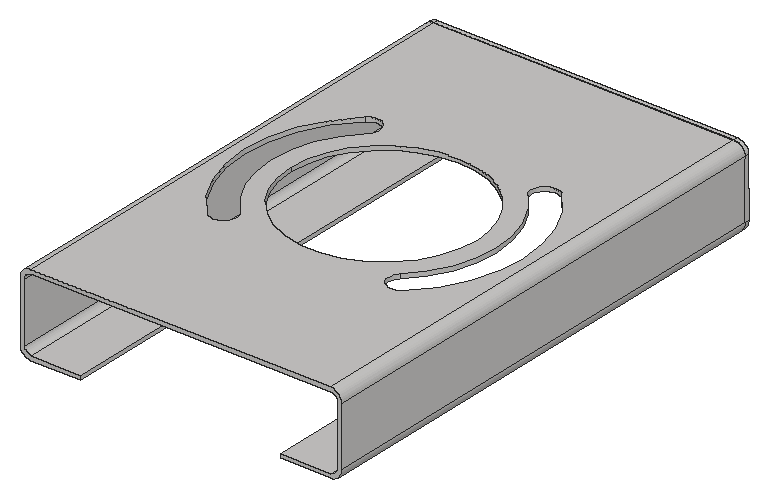
Revit family "PRD_AR_HygieneBagDispenser_HBD91", category Specialty Equipment, host Face, Revit 2020
Family settings
  Host = Face
  Round Connector Dimension = Use Diameter
  Part Type = Normal
  OmniClass Number = 23.40.20.21
  OmniClass Title = Toilet and Bath Specialties
  Cut with Voids When Loaded = No
  Shared = No
  Room Calculation Point = No
Parameters (values of type "HBD91")
  WarrantyStartDate [instance] = "1900-12-31T23:59:59"
  WarrantyGuarantorParts = "n/a"
  WarrantyGuarantorLabor = "n/a"
  WarrantyDurationUnit = "year"
  WarrantyDurationParts = "n/a"
  WarrantyDurationLabor = "n/a"
  WarrantyDescription = "n/a"
  Version = "1"
  Uniclass2015Version = "n/a"
  Uniclass2015Title = "n/a"
  Uniclass2015Code = "n/a"
  URL = "www.kwc-professional.com"
  TagNumber [instance] = "n/a"
  SustainabilityPerformance = "n/a"
  Style = "Hygiene bag dispenser"
  Size = "95x150x24 mm"
  Shape = "n/a"
  SerialNumber [instance] = "n/a"
  Revision = "n/a"
  ReplacementCost = "n/a"
  ProductInformation = "http://pim.kwc.com/product/3600008946/attachment/datasheet?locale=en"
  NominalWidth = 92.00 mm
  NominalLength = 92.00 mm
  NominalHeight = 150.00 mm
  NominalDepth = 22.00 mm
  NetWeight = 0.24 kg
  Name = "Hygiene bag dispenser HBD91"
  NBSTypeID = "n/a"
  NBSReference = "n/a"
  NBSOfficeMasterTag = "n/a"
  NBSNote = "n/a"
  NBSDescription = "n/a"
  NBSCertification = "n/a"
  ModelReference = "HBD91"
  ModelNumber = "3600008946"
  Model = ModelReference  # "HBD91"
  Material = "Stainless steel"
  ManufacturerURL = "www.kwc-professional.com"
  ManufacturerName = "KWC Group Management AG"  # constant formula
  Manufacturer = ManufacturerName  # "KWC Group Management AG"
  MainColor = "Stainless steel"
  InstallationDate [instance] = "1900-12-31T23:59:59"
  IfcExportType = "NOTDEFINED"
  IfcExportAs = "IfcFurnitureType"
  GrossWeight = 0.30 kg
  Grade = "n/a"
  Finish = "Satin finished"
  FillingQuantity = "30 Pieces"
  Features = "stainless steel, 1.20 mm, satin finished, wall mounting, 95 x 150 x 24 mm (W x H x D)"
  ExpectedLife = "n/a"
  DurationUnit = "year"
  DispenserMaterial = PRD_AR_StainlessSteel_SatinFinished
  Description = "Sanitary bag dispenser for wall mounting, made of stainless steel, surface satin finished, material thickness 1.2 mm, corners not welded, internal mounting bracket, mounting with pre-attached double-sided adhesive tape or enclosed screws and hanger bolts, including acetone wipe for cleaning the surface to be glued, for boxes with a maximum depth of 17 mm."
  Default Elevation = 650.00 mm
  CreatedOn = "09/2024"  # constant formula
  Constituents = "n/a"
  Color = "Stainless steel"
  CodePerformance = "n/a"
  Category = "Pr_40_70_22, Dispensers and acceptance units"
  BarCode [instance] = "n/a"
  BIMObjectName = "PRD_AR_HygieneBagDispenser_HBD91"
  Author = "Archispace"  # constant formula
  AssetType = "Fixed"
  AssetIdentifier [instance] = "n/a"
  AccessibilityPerformance = "n/a"
Reference planes
  plane 1 "Center (Front/Back)": y = 0
  plane 2: z = 0
  plane 3 "Center (Left/Right)": x = 0
Forms (mm)
  Extrusion 1, solid, material "PRD_AR_StainlessSteel_SatinFinished" <- "DispenserMaterial", detail levels fine
    sketch origin (0, 0, 0) x (1, 0, 0) y (0, 0, 1)
      loop
        arc (-47.5, 3.2) -> (-46.563, 0.937) -> (-44.3, 0) r 3.2
        line (-44.3, 0) -> (-29.5, 0) -> (-29.5, 1.2) -> (-44.3, 1.2)
        arc (-44.3, 1.2) -> (-45.714, 1.786) -> (-46.3, 3.2) r 2
        line (-46.3, 3.2) -> (-46.3, 20.8)
        arc (-46.3, 20.8) -> (-45.714, 22.214) -> (-44.3, 22.8) r 2
        line (-44.3, 22.8) -> (44.3, 22.8)
        arc (44.3, 22.8) -> (45.714, 22.214) -> (46.3, 20.8) r 2
        line (46.3, 20.8) -> (46.3, 3.2)
        arc (46.3, 3.2) -> (45.714, 1.786) -> (44.3, 1.2) r 2
        line (44.3, 1.2) -> (29.5, 1.2) -> (29.5, 0) -> (44.3, 0)
        arc (44.3, 0) -> (46.563, 0.937) -> (47.5, 3.2) r 3.2
        line (47.5, 3.2) -> (47.5, 20.8)
        arc (47.5, 20.8) -> (46.563, 23.063) -> (44.3, 24) r 3.2
        line (44.3, 24) -> (-44.3, 24)
        arc (-44.3, 24) -> (-46.563, 23.063) -> (-47.5, 20.8) r 3.2
        line (-47.5, 20.8) -> (-47.5, 3.2)
    from -148.8 to 0
  Extrusion 2, solid, material "PRD_AR_StainlessSteel_SatinFinished" <- "DispenserMaterial", detail levels fine
    sketch origin (0, 0, 0) x (1, 0, 0) y (0, 0, 1)
      loop
        line (-47.5, 20.8) -> (-47.5, 3.2)
        arc (-47.5, 3.2) -> (-46.563, 0.937) -> (-44.3, 0) r 3.2
        line (-44.3, 0) -> (44.3, 0)
        arc (44.3, 0) -> (46.563, 0.937) -> (47.5, 3.2) r 3.2
        line (47.5, 3.2) -> (47.5, 20.8)
        arc (47.5, 20.8) -> (46.563, 23.063) -> (44.3, 24) r 3.2
        line (44.3, 24) -> (-44.3, 24)
        arc (-44.3, 24) -> (-46.563, 23.063) -> (-47.5, 20.8) r 3.2
    from -150 to -148.8
  Extrusion 3, void
    sketch origin (0, 75, 0) x (1, 0, 0) y (0, 1, 0)
      loop
        circle (0, 0) r 27.5
      loop
        arc (-29.168, 29.168) -> (-41.25, 0) -> (-29.168, -29.168) r 41.25
        arc (-29.168, -29.168) -> (-23.511, -29.168) -> (-23.511, -23.511) r 4
        arc (-23.511, -23.511) -> (-33.25, 0) -> (-23.511, 23.511) r 33.25
        arc (-23.511, 23.511) -> (-23.511, 29.168) -> (-29.168, 29.168) r 4
      loop
        arc (23.511, -23.511) -> (23.511, -29.168) -> (29.168, -29.168) r 4
        arc (29.168, -29.168) -> (41.25, 0) -> (29.168, 29.168) r 41.25
        arc (29.168, 29.168) -> (23.511, 29.168) -> (23.511, 23.511) r 4
        arc (23.511, 23.511) -> (33.25, 0) -> (23.511, -23.511) r 33.25
    from 22.8 to 24
  Extrusion 4, solid, material "PRD_AR_StainlessSteel_SatinFinished" <- "DispenserMaterial", detail levels medium
    sketch origin (0, 0, 0) x (1, 0, 0) y (0, 0, 1)
      loop
        line (-47.5, 20.8) -> (-47.5, 3.2)
        arc (-47.5, 3.2) -> (-46.563, 0.937) -> (-44.3, 0) r 3.2
        line (-44.3, 0) -> (44.3, 0)
        arc (44.3, 0) -> (46.563, 0.937) -> (47.5, 3.2) r 3.2
        line (47.5, 3.2) -> (47.5, 20.8)
        arc (47.5, 20.8) -> (46.563, 23.063) -> (44.3, 24) r 3.2
        line (44.3, 24) -> (-44.3, 24)
        arc (-44.3, 24) -> (-46.563, 23.063) -> (-47.5, 20.8) r 3.2
    from -150 to 0
  Extrusion 5, solid, material "PRD_AR_StainlessSteel_SatinFinished" <- "DispenserMaterial", detail levels coarse
    sketch origin (0, 0, 0) x (1, 0, 0) y (0, 0, 1)
      loop
        line (-47.5, 24) -> (-47.5, 0) -> (47.5, 0) -> (47.5, 24) -> (-47.5, 24)
    from 0 to -150
Cuts and joins
  Extrusion 3 cuts Extrusion 1
Dimensions and locks
  aligned and locked: plane 2 to host face
  aligned and locked: level to host face
